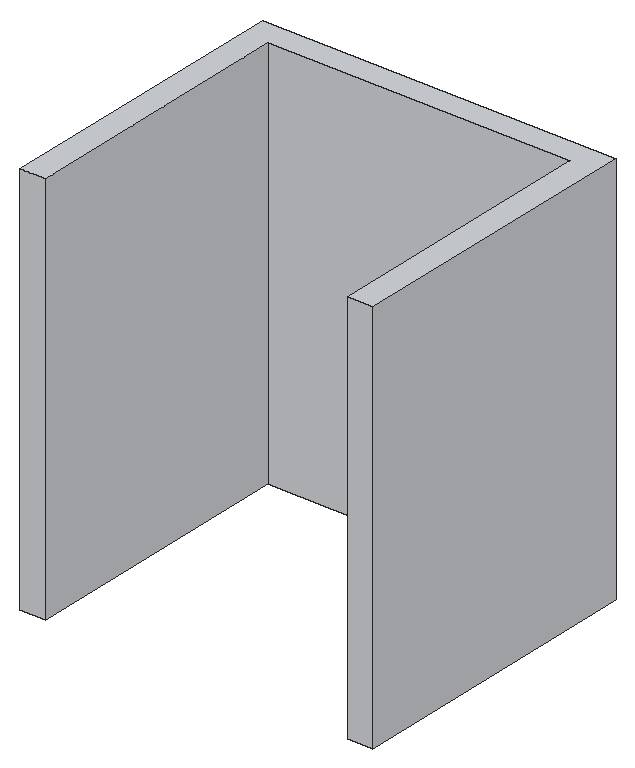
Revit family "Dressing_Cabin", category Generic Models, Revit 2025
Family settings
  Can host rebar = No
  Round Connector Dimension = Use Diameter
  Part Type = Normal
  Work Plane-Based = No
  Always vertical = Yes
  Cut with Voids When Loaded = No
  Maintain Annotation Orientation = No
  Shared = No
  Room Calculation Point = No
Parameters
  Wall_Thickness = 150 mm
  Total_Height = 2500 mm
  Show_Clearance = no
  Leg_Height = 150 mm
  Default Elevation = 0 mm
  Clearance_Depth = 1200 mm
  Cabin_Width = 2100 mm
  Cabin_Height = 2100 mm
  Cabin_Depth = 1800 mm
Reference planes
  plane 1 "Center (Front/Back)": y = 0
  plane 2: z = 0
  plane 3 "Center (Left/Right)": x = 0
  plane 4: y = 900
  plane 5: y = -900
  plane 6: x = -1050
  plane 7: x = 1050
  plane 8: y = -2100
  plane 9: z = 2500
Forms (mm)
  Extrusion 1, solid
    sketch origin (0, 0, 0) x (1, 0, 0) y (0, 1, 0)
      loop
        line (-1050, 900) -> (-1050, -900) -> (1050, -900) -> (1050, 900) -> (-1050, 900)
    from 150 <- "Leg_Height" to 2500
  Extrusion 2, void
    sketch origin (0, 0, 0) x (1, 0, 0) y (0, 1, 0)
      loop
        line (-900, 750) -> (-900, -1033.888) -> (900, -1033.888) -> (900, 750) -> (-900, 750)
    from 150 <- "Leg_Height" to 2600
  Extrusion 3, solid, material "Glass", visible <- "Show_Clearance"
    sketch origin (0, 0, 0) x (1, 0, 0) y (0, 1, 0)
      loop
        line (-1050, -900) -> (-1050, -2100) -> (1050, -2100) -> (1050, -900) -> (-1050, -900)
    from 0 to 10
Cuts and joins
  Extrusion 2 cuts Extrusion 1
Dimensions and locks
  equal spacing: plane 6, plane 3 "Center (Left/Right)", plane 7
  equal spacing: plane 4, plane 1 "Center (Front/Back)", plane 5
  "Cabin_Width": plane 6 to plane 7
  "Cabin_Depth": plane 4 to plane 5
  "Clearance_Depth": plane 8 to plane 5
  "Wall_Thickness": Extrusion 1 to Extrusion 2 sketch curve
  "Wall_Thickness": Extrusion 2 sketch curve to Extrusion 1  (x2)
  "Total_Height": plane 9 to level
  aligned and locked: level to plane 2
  aligned and locked: Extrusion 1 sketch curve to plane 4
  aligned and locked: Extrusion 1 sketch curve to plane 6
  aligned and locked: Extrusion 1 sketch curve to plane 5
  aligned and locked: plane 7 to Extrusion 1 sketch curve
  aligned and locked: Extrusion 3 sketch curve to cut or joined group of Extrusion 1, Extrusion 2  (x2)
Automatic sketch dimensions
  Extrusion 3 sketch curve to plane 8 = 0 mm
  plane 5 to Extrusion 3 sketch curve = 0 mm
  plane 5 to Extrusion 2 sketch curve = 133.888 mm
